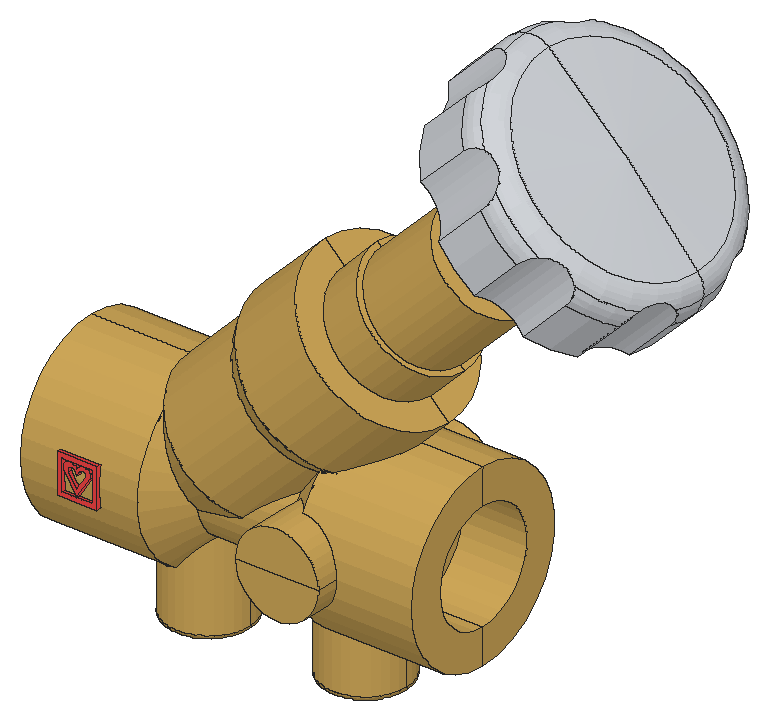
Revit family "HERZ Shut-off valve 4125 D", category Rohrzubehör, Revit 2020
Family settings
  Bemaßung runder Anschluss = Durchmesser verwenden
  Teiletyp = Unterbricht
  OmniClass-Nummer = 23.65.55.14
  OmniClass-Titel = Valves for Liquid Services
  Arbeitsebenenbasiert = Nein
  Immer vertikal = Ja
  Beim Laden mit Abzugskörper schneiden = Nein
  Gemeinsam genutzt = Nein
Parameters
  W01 = 45.00°  # constant formula
  Vorgabe-Ansicht = 0.000 mm
  URL = "www.herzvalves.com"
  Spindle = "brass CW617N\r"  # constant formula
  SW01 = 60.00°  # constant formula
  SCRNSEQ = "ARM;ARM_TYP=\"ABSV\";2"
  SCRNCODE = "05;07;02"  # constant formula
  S03 = 60.000 mm  # constant formula
  S02 [instance] = L06 + L09 + L12 + L15  # 113.800 mm
  S01 [instance] = R01 * 2  # 41.000 mm
  R12 [instance] = R01 - 1.000 mm  # 19.500 mm
  R11 [instance] = size_lookup("4125D_", "R11", 1.000 mm, Nennweite)  # 6.000 mm
  R100 = 1.000 mm  # constant formula
  R10 [instance] = size_lookup("4125D_", "R10", 1.000 mm, Nennweite)  # 9.000 mm
  R09 [instance] = size_lookup("4125D_", "R9", 1.000 mm, Nennweite)  # 12.750 mm
  R08 [instance] = size_lookup("4125D_", "R8", 1.000 mm, Nennweite)  # 14.000 mm
  R07 [instance] = size_lookup("4125D_", "R7", 1.000 mm, Nennweite)  # 20.000 mm
  R06 [instance] = size_lookup("4125D_", "R6", 1.000 mm, Nennweite)  # 17.750 mm
  R05 [instance] = Nennweite / 2  # 12.500 mm
  R04 [instance] = size_lookup("4125D_", "R4", 1.000 mm, Nennweite)  # 9.500 mm
  R03 = 9.500 mm  # constant formula
  R02 [instance] = Nennweite / 2  # 12.500 mm
  R01 [instance] = size_lookup("4125D_", "R1", 1.000 mm, Nennweite)  # 20.500 mm
  Upper part = "DZR brass CW602N"  # constant formula
  Part number [instance] = size_lookup("4125D_", "Artnr", 0, Nennweite)  # 1412563
  Nennweite [instance] = 25.000 mm
  Model = "STRÖMAX-D shut-off valve, inclined model, brass version, socket x socket,\r\nwith long threaded sockets, non-rising spindle,\r\nspindle sealing by means of elastic double-O-ring."
  Medium = "Heating water according ÖNORM H5195 or VDI- Standard 2035.\r\nThe use of ethylene- or propylene glycol in a mixing ratio 25- 50% is allowed."
  Max. differential pressure on closed seat = 1000000.0 Pa  # constant formula
  Max. operating temperature = 110 °C  # constant formula
  Max. operating pressure = 2000000.0 Pa  # constant formula
  L16 [instance] = L01 / 2  # 13.500 mm
  L15 [instance] = size_lookup("4125D_", "L15", 1.000 mm, Nennweite)  # 12.400 mm
  L14 [instance] = size_lookup("4125D_", "L14", 1.000 mm, Nennweite)  # 12.000 mm
  L12 [instance] = size_lookup("4125D_", "L12", 1.000 mm, Nennweite)  # 43.400 mm
  L11 [instance] = size_lookup("4125D_", "L11", 1.000 mm, Nennweite)  # 22.400 mm
  L10 [instance] = size_lookup("4125D_", "L10", 1.000 mm, Nennweite)  # 11.000 mm
  L09 [instance] = size_lookup("4125D_", "L9", 1.000 mm, Nennweite)  # 19.500 mm
  L08 [instance] = size_lookup("4125D_", "L8", 1.000 mm, Nennweite)  # 34.000 mm
  L07 [instance] = size_lookup("4125D_", "L7", 1.000 mm, Nennweite)  # 18.000 mm
  L06 [instance] = size_lookup("4125D_", "L6", 1.000 mm, Nennweite) - L09  # 38.500 mm
  L05 [instance] = size_lookup("4125D_", "L5", 1.000 mm, Nennweite)  # 25.500 mm
  L04 [instance] = size_lookup("4125D_", "L4", 1.000 mm, Nennweite)  # 25.500 mm
  L03 = 15.000 mm  # constant formula
  L02 [instance] = size_lookup("4125D_", "L2", 1.000 mm, Nennweite)  # 11.000 mm
  L01 [instance] = size_lookup("4125D_", "L1", 1.000 mm, Nennweite)  # 27.000 mm
  L00 [instance] = size_lookup("4125D_", "L", 1.000 mm, Nennweite)  # 90.000 mm
  Cone = "DZR brass CW602N"  # constant formula
  Hersteller = "HERZ Armaturen Ges.m.b.H."  # constant formula
  Hand wheel = "Polyamide"  # constant formula
  H01 [instance] = size_lookup("4125D_", "H1", 1.000 mm, Nennweite)  # 32.000 mm
  Sealing = "EPDM"  # constant formula
  DN80 [instance] = Nennweite = 80.000 mm  # no
  DN65 [instance] = Nennweite = 65.000 mm  # no
  DN50 [instance] = Nennweite = 50.000 mm  # no
  DN40 [instance] = Nennweite = 40.000 mm  # no
  DN32 [instance] = Nennweite = 32.000 mm  # no
  DN25-DN80 [instance] = or(Nennweite = 25.000 mm, Nennweite = 32.000 mm, Nennweite = 40.000 mm, Nennweite = 50.000 mm, Nennweite = 65.000 mm, Nennweite = 80.000 mm)  # yes
  DN25 [instance] = Nennweite = 25.000 mm  # yes
  DN20 [instance] = Nennweite = 20.000 mm  # no
  DN15 [instance] = Nennweite = 15.000 mm  # no
  Body = "casted DZR brass CC752S"  # constant formula
  Application = "Reliable shutting of pipes in heating and cooling systems."
Reference planes
  plane 1 "Mitte (Vorne/hinten)": y = 0
  plane 2: z = 0
  plane 3 "Mitte (Links/rechts)": x = 0
Forms (mm)
  Revolve 1, solid, material "Messing, weicher Gelbton, geschweißt", detail levels fine
    sketch origin (470, 0, 0) x (1, 0, 0) y (0, 0, 1)
      loop
        line (-515, 12.5) -> (-500, 12.5) -> (-500, 0) -> (-440, 0) -> (-440, 12.5) -> (-425, 12.5) -> (-425, 20.5) -> (-452, 20.5) -> (-459, 12.5) -> (-481, 12.5) -> (-488, 20.5) -> (-515, 20.5) -> (-515, 12.5)
      axis (-515, 0) -> (-425, 0)
    angle from 0 to 360
  Revolve 2, solid, material "Messing, weicher Gelbton, geschweißt", detail levels fine
    sketch origin (470, 0, 0) x (1, 0, 0) y (0, 0, 1)
      loop
        line (-497.5, 0) -> (-497.5, -31)
        arc (-497.5, -31) -> (-497.207, -31.707) -> (-496.5, -32) r 1
        line (-496.5, -32) -> (-488, -32) -> (-488, 0) -> (-497.5, 0)
      axis (-488, 0) -> (-488, -32)
    angle from 0 to 360
  Revolve 3, solid, material "Messing, weicher Gelbton, geschweißt", detail levels fine
    sketch origin (0, 0, 0) x (1, 0, 0) y (0, 1, 0)
      loop
        line (18, -25.5) -> (27.5, -25.5) -> (27.5, 25.5) -> (18, 25.5) -> (18, -25.5)
      axis (18, -25.5) -> (18, 25.5)
    angle from 0 to 360
  Revolve 4, solid, material "Messing, weicher Gelbton, geschweißt", visible <- "DN25-DN80", detail levels fine
    sketch origin (-470, 0, 0) x (-1, 0, 0) y (0, 0, 1)
      loop
        line (-497.5, 0) -> (-497.5, -31)
        arc (-497.5, -31) -> (-497.207, -31.707) -> (-496.5, -32) r 1
        line (-496.5, -32) -> (-488, -32) -> (-488, 0) -> (-497.5, 0)
      axis (-488, 0) -> (-488, -32)
    angle from 0 to 360
  Revolve 5, solid, material "Messing, weicher Gelbton, geschweißt", detail levels fine
    sketch origin (0.32, 0, -0.105) x (1, 0, 0) y (0, 0, 1)
      loop
        line (-18.32, 0) -> (62.149, 80.469) -> (57.906, 84.711) -> (49.138, 75.943) -> (47.017, 78.065) -> (39.946, 70.994) -> (37.294, 73.645) -> (21.455, 57.806) -> (20.571, 58.69) -> (12.793, 50.912) -> (8.55, 55.154) -> (-5.239, 41.366) -> (-6.83, 36.593) -> (-22.386, 21.036) -> (-27.159, 8.839) -> (-18.32, 0)
      axis (-18.32, 0) -> (62.149, 80.469)
    angle from 0 to 360
Lines and regions (mm)
  model lines, detail levels coarse+medium
    curve 1: line (-45, 0, 20.5) -> (-45, 0, -20.5)
    curve 2: line (-45, 0, -20.5) -> (45, 0, 20.5)
    curve 3: line (45, 0, 20.5) -> (45, 0, -20.5)
    curve 4: line (45, 0, -20.5) -> (-45, 0, 20.5)
    curve 5: line (0, 0, 0) -> (56.9, 0, 98.554)
    curve 6: line (30.919, 0, 113.554) -> (82.881, 0, 83.554)
    curve 7: line (-45, -20.5, 0) -> (-45, 20.5, 0)
    curve 8: line (-45, 20.5, 0) -> (45, -20.5, 0)
    curve 9: line (45, -20.5, 0) -> (45, 20.5, 0)
    curve 10: line (45, 20.5, 0) -> (-45, -20.5, 0)
    curve 11: line (0, 0, 0) -> (56.9, 98.554, 0)
    curve 12: line (30.919, 113.554, 0) -> (82.881, 83.554, 0)
Dimensions and locks
  "H01": plane 2 to Revolve 2 sketch curve
  "L00": Revolve 1 sketch curve to Revolve 1 sketch curve
  equal spacing: Revolve 1 sketch curve, plane 3 "Mitte (Links/rechts)", Revolve 1 sketch curve
  "R01": Revolve 1 sketch curve to Revolve 1 sketch curve  (x2)
  "R02": Revolve 1 sketch curve to Revolve 1 sketch curve  (x3)
  "L01": Revolve 1 sketch curve to Revolve 1 sketch curve  (x2)
  "L02": plane 3 "Mitte (Links/rechts)" to Revolve 1 sketch curve
  "L02": Revolve 1 sketch curve to plane 3 "Mitte (Links/rechts)"
  "L03": Revolve 1 sketch curve to Revolve 1 sketch curve  (x2)
  "L01": Revolve 1 to Revolve 2 sketch curve
  "R03": Revolve 2 sketch curve to Revolve 2 sketch curve
  "L01": Revolve 4 sketch curve to Revolve 1
  "R03": Revolve 4 sketch curve to Revolve 4 sketch curve
  "H01": plane 2 to Revolve 4 sketch curve
  "L04": Revolve 3 sketch curve to plane 1 "Mitte (Vorne/hinten)"
  "L05": plane 1 "Mitte (Vorne/hinten)" to Revolve 3 sketch curve
  "R04": Revolve 3 sketch curve to Revolve 3 sketch curve
  "L01": Revolve 3 sketch curve to Revolve 1
  "R07": Revolve 5 sketch curve to Revolve 5 sketch curve
  "L07": plane 3 "Mitte (Links/rechts)" to Revolve 5 sketch curve
  "R05": Revolve 5 sketch curve to Revolve 5 sketch curve
  "L06": Revolve 5 sketch curve to Revolve 5 sketch curve
  "L08": Revolve 5 sketch curve to Revolve 5 sketch curve
  "R06": Revolve 5 sketch curve to Revolve 5 sketch curve
  "L14": Revolve 5 sketch curve to Revolve 5 sketch curve
  "L09": Revolve 5 sketch curve to Revolve 5 sketch curve
  "R08": Revolve 5 sketch curve to Revolve 5 sketch curve
  "L10": Revolve 5 sketch curve to Revolve 5 sketch curve
  "R09": Revolve 5 sketch curve to Revolve 5 sketch curve
  "R10": Revolve 5 sketch curve to Revolve 5 sketch curve
  "L12": Revolve 5 sketch curve to Revolve 5 sketch curve
  "R11": Revolve 5 sketch curve to Revolve 5 sketch curve
  "L15": Revolve 5 sketch curve to Revolve 5 sketch curve
  "L11": Revolve 5 sketch curve to Revolve 5 sketch curve
  "R12": nested 9 to plane 1 "Mitte (Vorne/hinten)"
  "L16": Revolve 1 to nested 9
  equal spacing: curve 1, plane 3 "Mitte (Links/rechts)", curve 3
  "L00": curve 1 to curve 3
  equal spacing: curve 4, plane 2, curve 2
  "S01": curve 4 to curve 1
  "S01": curve 3 to curve 4
  equal spacing: curve 3, plane 2, curve 4
  "S02": curve 5 to curve 5
  equal spacing: curve 6, curve 5, curve 6
  "S03": curve 6 to curve 6
  equal spacing: curve 7, plane 3 "Mitte (Links/rechts)", curve 9
  "L00": curve 7 to curve 9
  equal spacing: curve 10, plane 1 "Mitte (Vorne/hinten)", curve 8
  "S01": curve 8 to curve 10
  equal spacing: curve 9, plane 1 "Mitte (Vorne/hinten)", curve 10
  "S01": curve 10 to curve 9
  "S02": curve 11 to curve 11
  equal spacing: curve 12, curve 11, curve 12
  "S03": curve 12 to curve 12
  "R100": radius of Revolve 2 sketch curve
  "R100": radius of Revolve 4 sketch curve
  "W01": angle plane 2 to Revolve 5 sketch curve
  "W01": angle level to Revolve 5 sketch curve
  "SW01": angle plane 2 to curve 5
  "SW01": angle plane 1 "Mitte (Vorne/hinten)" to curve 11
  aligned and locked: level to plane 2
Automatic sketch dimensions
  curve 5 to level = 0.000 mm
  plane 1 "Mitte (Vorne/hinten)" to curve 11 = 0.000 mm
  Revolve 1 sketch curve to level = 0.000 mm  (x2)
  Revolve 1 sketch curve to Revolve 1 sketch curve = 791.990 mm
  Revolve 1 sketch curve to Revolve 1 sketch curve = 2278.983 mm
  Revolve 2 sketch curve to level = 0.000 mm  (x2)
  Revolve 2 sketch curve to Revolve 2 sketch curve = 0.000 mm
  Revolve 2 sketch curve to Revolve 2 sketch curve = 0.292 mm
  Revolve 3 sketch curve to Revolve 3 sketch curve = 0.000 mm  (x3)
  Revolve 4 sketch curve to level = 0.000 mm  (x2)
  Revolve 4 sketch curve to Revolve 4 sketch curve = 0.000 mm
  Revolve 4 sketch curve to Revolve 4 sketch curve = 0.292 mm
  Revolve 5 sketch curve to level = 0.105 mm
  Revolve 5 sketch curve to Revolve 5 sketch curve = 0.000 mm  (x2)
Nested families
  nested 1: "Strömax-Handrad_Schrägsitz" at (42.584, 0, 54.979), visible <- "DN15", type "Strömax-Handrad_Schrägsitz", detail levels fine
    with Nennweite 0.000 mm, Gewicht 0.00 kg, Bestellnummer 0
  nested 2: "Strömax-Handrad_Schrägsitz" at (54.312, 0, 67.707), visible <- "DN20", type "Strömax-Handrad_Schrägsitz", detail levels fine
    with Nennweite 0.000 mm, Gewicht 0.00 kg, Bestellnummer 0
  nested 3: "Strömax-Handrad_Schrägsitz" at (62.469, 0, 80.364), visible <- "DN25", type "Strömax-Handrad_Schrägsitz", detail levels fine
    with Nennweite 0.000 mm, Gewicht 0.00 kg, Bestellnummer 0
  nested 4: "Strömax-Handrad_Schrägsitz" at (71.712, 0, 91.607), visible <- "DN32", type "Strömax-Handrad_Schrägsitz", detail levels fine
    with Nennweite 0.000 mm, Gewicht 0.00 kg, Bestellnummer 0
  nested 5: "Strömax-Handrad_Schrägsitz" at (80.399, 0, 101.294), visible <- "DN40", type "Strömax-Handrad_Schrägsitz", detail levels fine
    with Nennweite 0.000 mm, Gewicht 0.00 kg, Bestellnummer 0
  nested 6: "Strömax-Handrad_Schrägsitz" at (97.83, 0, 129.225), visible <- "DN50", type "Strömax-Handrad_Schrägsitz", detail levels fine
    with Nennweite 0.000 mm, Gewicht 0.00 kg, Bestellnummer 0
  nested 7: "Strömax-Handrad_Schrägsitz" at (114.482, 0, 149.378), visible <- "DN65", type "Strömax-Handrad_Schrägsitz", detail levels fine
    with Nennweite 0.000 mm, Gewicht 0.00 kg, Bestellnummer 0
  nested 8: "Strömax-Handrad_Schrägsitz" at (140.423, 0, 183.319), visible <- "DN80", type "Strömax-Handrad_Schrägsitz", detail levels fine
    with Nennweite 0.000 mm, Gewicht 0.00 kg, Bestellnummer 0
  nested 9: "Herz-Logo-vorne" at (-31.5, -20.232, 0) x (0, 1, 0) z (0, 0, 1), type "Herz-Logo-vorne", detail levels fine
Connectors
  piping at (-30, 0, 0), diameter 25, driven by "Nennweite"
    settings: on Revolve 1, index 1, connector inside diameter 609.6 mm, connector length 0.000 mm, flow factor 0, pipe flow 0.0 L/s, pressure drop 0.0 Pa, fitting loss kfactor 0, connector angle 0.00°, fixture units 0, engagement length 0.000 mm, angle of deflection 0.00°, flow configuration 0, flow direction 1, fitting loss method 0, system type 29, joint type 0, gender type 0, connector reference index -1, connector utility 0, adjustable connector no, is connector primary yes, connector description ""
  piping at (30, 0, 0), diameter 25, driven by "Nennweite"
    settings: on Revolve 1, index 2, connector inside diameter 609.6 mm, connector length 0.000 mm, flow factor 0, pipe flow 0.0 L/s, pressure drop 0.0 Pa, fitting loss kfactor 0, connector angle 0.00°, fixture units 0, engagement length 0.000 mm, angle of deflection 0.00°, flow configuration 0, flow direction 2, fitting loss method 0, system type 29, joint type 0, gender type 0, connector reference index -1, connector utility 0, adjustable connector no, is connector primary no, connector description ""
Definition of nested family "Strömax-Handrad_Schrägsitz"
  Parameters (values of type "Strömax-Handrad_Schrägsitz")
    Default Elevation = 0.000 mm
    URL = "www.herz-armaturen.at"
    Nennweite [instance] = 0.000 mm
    Manufacturer = "Herz Armaturen GmbH"  # constant formula
    Gewicht [instance] = 0.00 kg
    Bestellnummer [instance] = 0
  Reference planes
    plane 1 "Mitte (Vorne/hinten)": y = 0
    plane 2: z = 0
    plane 3 "Mitte (Links/rechts)": x = 0
  Forms (mm)
    Revolve 1, solid
      sketch origin (0, 0, 0) x (0.707107, 0, -0.707107) y (0.707107, 0, 0.707107)
        loop
          line (0, 0) -> (0, 22)
          arc (0, 22) -> (-12.15, 21.705) -> (-24.271, 20.819) r 250
          arc (-24.271, 20.819) -> (-26.831, 19.959) -> (-28.754, 18.063) r 6
          arc (-28.754, 18.063) -> (-29.682, 16.008) -> (-30, 13.776) r 8
          line (-30, 13.776) -> (-30, 0) -> (0, 0)
        axis (0, 22) -> (0, 0)
      angle from 0 to 360
    Extrusion 2, void
      sketch origin (0, 0, 0) x (0.707107, 0, -0.707107) y (0, 1, 0)
        loop
          circle (14.351, -34.645) r 10
      from 0 to 22
    Extrusion 3, void
      sketch origin (0, 0, 0) x (-0.707107, 0, 0.707107) y (0, -1, 0)
        loop
          circle (14.351, 34.645) r 10
      from 0 to 22
    Extrusion 4, void
      sketch origin (0, 0, 0) x (0, -1, 0) y (0.707107, 0, -0.707107)
        loop
          circle (14.351, 34.645) r 10
      from 0 to 22
    Extrusion 5, void
      sketch origin (0, 0, 0) x (0, 1, 0) y (-0.707107, 0, 0.707107)
        loop
          circle (14.351, -34.645) r 10
      from 0 to 22
    Extrusion 6, void
      sketch origin (0, 0, 0) x (0, -1, 0) y (0.707107, 0, -0.707107)
        loop
          circle (14.351, -34.645) r 10
      from 0 to 22
    Extrusion 7, void
      sketch origin (0, 0, 0) x (0, 1, 0) y (-0.707107, 0, 0.707107)
        loop
          circle (14.351, 34.645) r 10
      from 0 to 22
    Extrusion 8, void
      sketch origin (0, 0, 0) x (0.707107, 0, -0.707107) y (0, 1, 0)
        loop
          circle (14.351, 34.645) r 10
      from 0 to 22
    Extrusion 9, void
      sketch origin (0, 0, 0) x (-0.707107, 0, 0.707107) y (0, -1, 0)
        loop
          circle (14.351, -34.645) r 10
      from 0 to 22
  Cuts and joins
    Extrusion 2, Extrusion 3, Extrusion 4, Extrusion 5, Extrusion 6, Extrusion 7, Extrusion 8, Extrusion 9 cuts Revolve 1
  Dimensions and locks
    aligned and locked: level to plane 2
Definition of nested family "Herz-Logo-vorne"
  Parameters (values of type "Herz-Logo-vorne")
    Default Elevation = 0.000 mm
  Reference planes
    plane 1 "Mitte (Vorne/hinten)": y = 0
    plane 2: z = 0
    plane 3 "Mitte (Links/rechts)": x = 0
  Forms (mm)
    Extrusion 1, solid
      sketch origin (0.732, -0.018, 0.017) x (0, -1, 0) y (0, 0, 1)
        loop
          line (-0.018, -4.517) -> (4.482, -4.517) -> (4.482, 4.483) -> (-4.518, 4.483) -> (-4.518, -4.517) -> (-0.018, -4.517)
        loop
          line (-0.05, -3.48) -> (3.482, -3.48) -> (3.482, 3.483) -> (-3.518, 3.483) -> (-3.518, -3.48) -> (-0.05, -3.48)
        loop
          arc (-0.018, 2.383) -> (-1.543, 3.287) -> (-3.067, 2.383) r 1.738
          arc (-3.067, 2.383) -> (-3.191, 1.899) -> (-3.067, 1.415) r 1.009
          line (-3.067, 1.415) -> (-0.018, -3.281) -> (3.032, 1.415)
          arc (3.032, 1.415) -> (3.156, 1.899) -> (3.032, 2.383) r 1.009
          arc (3.032, 2.383) -> (1.507, 3.287) -> (-0.018, 2.383) r 1.738
        loop
          arc (1.885, 1.272) -> (2.005, 1.675) -> (1.885, 2.079) r 0.74
          arc (1.885, 2.079) -> (1.265, 2.416) -> (0.644, 2.079) r 0.74
          line (0.644, 2.079) -> (-0.018, 0.97) -> (-0.679, 2.079)
          arc (-0.679, 2.079) -> (-1.3, 2.416) -> (-1.921, 2.079) r 0.74
          arc (-1.921, 2.079) -> (-2.04, 1.675) -> (-1.921, 1.272) r 0.74
          line (-1.921, 1.272) -> (-0.018, -1.658) -> (1.885, 1.272)
      from 0 to 1.5
  Dimensions and locks
    aligned and locked: level to plane 2
